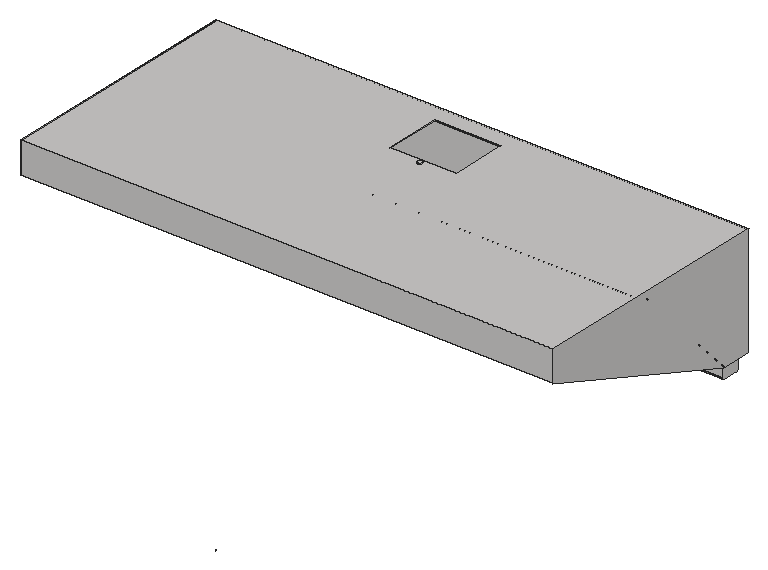
Revit family "QF_ELECTROLUXPROFESSIONAL_644194_AMPV1124BT", category Attrezzature speciali, Revit 2021
Family settings
  Quota connettore circolare = Usa diametro
  Tipo di parte = Normale
  Basato su piano di lavoro = No
  Sempre verticale = Sì
  Taglio con vuoti quando caricato = No
  Condiviso = No
  Punto di calcolo locali = No
Parameters (values of type "Standard")
  Weight = 73.00 kg
  Watts = 420 W
  Volts = 220 V
  URL Manufacturer = "https://www.electroluxprofessional.com/"
  URL = "https://www.electroluxprofessional.com/"
  Steam Supply Size = 0 mm
  Steam Supply Minimum Pressure = 0.0 Pa
  Steam Supply Maximum Pressure = 0.0 Pa
  Steam Consumption per Hour = 0
  Refrigeration Suction Line Size = 0 mm
  Refrigeration Liquid Line Size = 0 mm
  Refrigerant Compressor Remote = yes
  Prospetto di default = 0 mm
  Produttore = "Electrolux Professional"
  Phase = 1
  Modello = "AMPV1124BT"
  Length Actual = 2400 mm  # constant formula
  Item Number = "644194"
  Hot Water Size = 0 mm
  Height Actual = 500 mm  # constant formula
  HP = "0.6 HP"
  Gas Size = 0 mm
  Gas KW = 0
  Gas Input Pressure = 0 W
  Direct Waste Size = 0 mm
  Descrizione = "430 S/S WALL HOOD+FILTERS+FAN 2400X1100"
  Depth Actual = 1100 mm  # constant formula
  Cycle = 50 Hz
  Condensate Return Size = 0 mm
  Compressed Air Volume = 0.0 L/s
  Compressed Air Size = 0 mm
  Compressed Air Pressure = 0.0 Pa
  Cold Water Size = 0 mm
  Accessory = yes
Reference planes
  plane 1 "Center (Front/Back)": y = 0
  plane 2: z = 0
  plane 3 "Center (Left/Right)": x = 150
  plane 4 "LEFT": x = -1050
  plane 5 "RIGHT": x = 1350
  plane 6 "BACK": y = 550
  plane 7 "FRONT": y = -550
  plane 8 "Plane": z = 2000
  plane 9 "TOP": z = 2140
  plane 10 "Base": z = 1640
  plane 11: z = 1566
  plane 12 "DrainY": y = 485
  plane 13: x = -1047
  plane 14: through (0, 414.509, 1640.8) normal (0, 0.7314, 0.682)
  plane 15: y = 470
  plane 16: y = 220
  plane 17 "DrainX": x = 1230
  plane 18: x = 300
  plane 19: x = 0
  plane 20: x = 1347
  plane 21: x = 1140
  plane 22: x = 1320
  plane 23: x = -1010
  plane 24: x = -645
  plane 25: x = -450
  plane 26: x = 1310
  plane 27: x = 945
  plane 28: x = 750
  plane 29: x = -47.5
  plane 30: x = 347.5
  plane 31: y = 200
Forms (mm)
  Extrusion 1, solid, material "QF_Finishes_Stainless Steel"
    sketch origin (-1050, 0, 0) x (0, 1, 0) y (0, 0, 1)
      loop
        line (550, 1640) -> (550, 2140) -> (-550, 2140) -> (-550, 1999.112) -> (413.973, 1640) -> (550, 1640)
    from 0 to 3
  Extrusion 2, solid, material "QF_Finishes_Stainless Steel"
    sketch origin (150, 0, 0) x (0, 1, 0) y (0, 0, 1)
      loop
        line (415.255, 1640) -> (550, 1640) -> (550, 2139.19) -> (549.2, 2139.19) -> (549.2, 1640.8) -> (415.876, 1640.8) -> (339.347, 1722.867) -> (349.609, 1732.436) -> (348.927, 1733.167) -> (337.934, 1722.917) -> (415.255, 1640)
      loop
        line (-82.203, 2139.19) -> (-82.203, 2118.6) -> (-31.047, 2118.6) -> (34.354, 2048.466) -> (46.028, 2059.352) -> (45.346, 2060.083) -> (34.403, 2049.879) -> (-30.612, 2119.6) -> (-81.203, 2119.6) -> (-81.203, 2139.19) -> (-82.203, 2139.19)
    from -1197 to 1197
  Extrusion 3, solid, material "QF_Finishes_Stainless Steel"
    sketch origin (1350, 0, 0) x (0, 1, 0) y (0, 0, 1)
      loop
        line (550, 1640) -> (550, 2140) -> (-550, 2140) -> (-550, 1999.112) -> (413.973, 1640) -> (550, 1640)
    from 0 to -3
  Extrusion 4, solid, material "QF_Finishes_Stainless Steel"
    sketch origin (150, 0, 0) x (0, 1, 0) y (0, 0, 1)
      loop
        line (-550, 2140) -> (-550, 2000) -> (-549.2, 2000) -> (-549.2, 2139.19) -> (550, 2139.19) -> (550, 2140) -> (-550, 2140)
    from -1200 to 1200
  Extrusion 5, solid, material "QF_Finishes_Stainless Steel"
    sketch origin (150, 0, 0) x (0, 1, 0) y (0, 0, 1)
      loop
        line (534, 1640) -> (436, 1640) -> (436, 1627) -> (443.5, 1627) -> (443.5, 1576)
        arc (443.5, 1576) -> (446.429, 1568.929) -> (453.5, 1566) r 10
        line (453.5, 1566) -> (516.5, 1566)
        arc (516.5, 1566) -> (523.571, 1568.929) -> (526.5, 1576) r 10
        line (526.5, 1576) -> (526.5, 1627) -> (534, 1627) -> (534, 1640)
    from 990 to 1170
  Extrusion 6, solid, material "QF_Finishes_Stainless Steel"
    sketch origin (0, 0, 1640) x (0, 1, 0) y (-1, 0, 0)
      loop
        circle (485, -1230) r 20
    from -76 to -74
  Extrusion 7, solid, material "QF_Finished_Chrome"
    sketch origin (150, 0, 0) x (0, 1, 0) y (0, 0, 1)
      loop
        line (337.934, 1722.917) -> (341.591, 1726.327) -> (38.011, 2051.876) -> (34.354, 2048.466) -> (337.934, 1722.917)
    from -795 to -1160
  Extrusion 8, solid, material "QF_Finished_Chrome"
    sketch origin (150, 0, 0) x (0, 1, 0) y (0, 0, 1)
      loop
        line (337.934, 1722.917) -> (341.591, 1726.327) -> (38.011, 2051.876) -> (34.354, 2048.466) -> (337.934, 1722.917)
    from -197.5 to -600
  Extrusion 9, solid, material "QF_Finishes_Stainless Steel"
    sketch origin (150, 0, 0) x (0, 1, 0) y (0, 0, 1)
      loop
        line (337.934, 1722.917) -> (341.591, 1726.327) -> (38.011, 2051.876) -> (34.354, 2048.466) -> (337.934, 1722.917)
    from 1197 to 1160
  Extrusion 10, solid, material "QF_Finishes_Stainless Steel"
    sketch origin (150, 0, 0) x (0, 1, 0) y (0, 0, 1)
      loop
        line (341.588, 1726.324) -> (38.009, 2051.874) -> (34.354, 2048.466) -> (337.934, 1722.917) -> (341.588, 1726.324)
    from -795 to -600
  Extrusion 11, solid, material "QF_Finished_Chrome"
    sketch origin (150, 0, 0) x (0, 1, 0) y (0, 0, 1)
      loop
        line (341.588, 1726.324) -> (38.009, 2051.874) -> (34.354, 2048.466) -> (337.934, 1722.917) -> (341.588, 1726.324)
    from 795 to 1160
  Extrusion 12, void
    sketch origin (0, 0, 2140) x (0, 1, 0) y (-1, 0, 0)
      loop
        line (470, 0) -> (220, 0) -> (220, -300) -> (470, -300) -> (470, 0)
    from 0 to -10
  Extrusion 13, solid, material "QF_Finishes_Stainless Steel"
    sketch origin (0, 0, 0) x (1, 0, 0) y (0, 1, 0)
      loop
        line (-1050, 550) -> (-1050, 549) -> (-1049, 549) -> (-1049, 550) -> (-1050, 550)
    from 0 to 1
  Extrusion 14, solid, material "QF_Finishes_Stainless Steel"
    sketch origin (150, 0, 0) x (0, 1, 0) y (0, 0, 1)
      loop
        line (337.934, 1722.917) -> (341.591, 1726.327) -> (38.011, 2051.876) -> (34.354, 2048.466) -> (337.934, 1722.917)
    from -1160 to -1197
  Extrusion 15, solid, material "QF_Finishes_Stainless Steel"
    sketch origin (150, 0, 0) x (0, 1, 0) y (0, 0, -1)
      loop
        line (341.588, -1726.324) -> (337.934, -1722.917) -> (34.354, -2048.466) -> (38.009, -2051.874) -> (341.588, -1726.324)
    from -795 to -600
  Extrusion 16, solid, material "QF_Finished_Chrome"
    sketch origin (150, 0, 0) x (0, 1, 0) y (0, 0, 1)
      loop
        line (337.934, 1722.917) -> (341.591, 1726.327) -> (38.011, 2051.876) -> (34.354, 2048.466) -> (337.934, 1722.917)
    from 600 to 197.5
  Extrusion 17, solid, material "QF_Finishes_Stainless Steel"
    sketch origin (150, 0, 0) x (0, 1, 0) y (0, 0, -1)
      loop
        line (341.588, -1726.324) -> (337.934, -1722.917) -> (34.354, -2048.466) -> (38.009, -2051.874) -> (341.588, -1726.324)
    from -197.5 to 197.5
  Extrusion 18, solid, material "QF_Finishes_Stainless Steel"
    sketch origin (0, 0, 2140) x (0, 1, 0) y (-1, 0, 0)
      loop
        circle (200, -150) r 10
    from 0 to 1.6
Cuts and joins
  Extrusion 12 cuts Extrusion 4
  joined: Extrusion 2, Extrusion 4
Lines and regions (mm)
  reference lines
    curve 1: line (150, 34.354, 2048.466) -> (150, 34.354, 1888.466)
  symbolic lines, style "SpecialityEquipment", detail levels coarse
    curve 2: line (1350, 550, 2140) -> (-1050, 550, 2140)
    curve 3: line (-1050, 550, 2140) -> (-1050, -550, 2140)
    curve 4: line (1350, -550, 2140) -> (1350, 550, 2140)
    curve 5: line (-1050, -550, 2140) -> (1350, -550, 2140)
    curve 6: line (0, 220, 2140) -> (300, 220, 2140)
    curve 7: line (0, 470, 2140) -> (0, 220, 2140)
    curve 8: line (300, 470, 2140) -> (0, 470, 2140)
    curve 9: line (300, 220, 2140) -> (300, 470, 2140)
    curve 10: line (-1050, 550, 0) -> (1350, -550, 0)
    curve 11: line (1350, 550, 0) -> (-1050, -550, 0)
Dimensions and locks
  plane 4 "LEFT" to plane 5 "RIGHT" = 2400 mm
  equal spacing: plane 4 "LEFT", plane 3 "Center (Left/Right)", plane 5 "RIGHT"
  locked: plane 8 "Plane" to level at 2000
  plane 9 "TOP" to plane 8 "Plane" = 140 mm
  locked: plane 9 "TOP" to plane 10 "Base" at 500
  plane 10 "Base" to plane 11 = 74 mm
  plane 6 "BACK" to plane 12 "DrainY" = 65 mm  (x2)
  plane 4 "LEFT" to plane 13 = 3 mm
  plane 6 "BACK" to plane 15 = 80 mm
  plane 15 to plane 16 = 250 mm  (x2)
  plane 17 "DrainX" to plane 5 "RIGHT" = 120 mm
  plane 20 to plane 5 "RIGHT" = 3 mm
  locked: plane 21 to plane 17 "DrainX" at 90
  locked: plane 17 "DrainX" to plane 22 at 90
  plane 6 "BACK" to plane 7 "FRONT" = 1100 mm  (x2)
  equal spacing: plane 6 "BACK", plane 1 "Center (Front/Back)", plane 7 "FRONT"
  plane 16 to plane 7 "FRONT" = 770 mm
  plane 15 to plane 6 "BACK" = 80 mm
  locked: plane 4 "LEFT" to plane 23 at 40
  locked: plane 23 to plane 24 at 365
  locked: plane 24 to plane 25 at 195
  locked: plane 26 to plane 27 at 365
  locked: plane 27 to plane 28 at 195
  locked: plane 26 to plane 5 "RIGHT" at 40
  locked: plane 29 to plane 30 at 395
  equal spacing: plane 29, plane 3 "Center (Left/Right)", plane 30
  locked: plane 19 to plane 18 at 300
  equal spacing: plane 19, plane 3 "Center (Left/Right)", plane 18
  plane 25 to plane 29 = 402.5 mm
  plane 30 to plane 28 = 402.5 mm
  plane 16 to plane 31 = 20 mm
  aligned and locked: level to plane 2
  aligned and locked: Extrusion 2 to Extrusion 1
  aligned and locked: Extrusion 2 to Extrusion 3
  aligned and locked: plane 5 "RIGHT" to Extrusion 4
  aligned and locked: Extrusion 4 to plane 4 "LEFT"
  aligned and locked: plane 20 to Extrusion 9
  aligned and locked: plane 19 to Extrusion 12
  aligned and locked: Extrusion 12 to plane 18
  aligned and locked: Extrusion 12 to plane 16
  aligned and locked: Extrusion 12 to plane 15
  aligned and locked: Extrusion 2 to Extrusion 4
  aligned and locked: plane 22 to Extrusion 5
  aligned and locked: Extrusion 5 to plane 21
  aligned and locked: Extrusion 9 to plane 26
  aligned and locked: Extrusion 11 to plane 26
  aligned and locked: Extrusion 11 to plane 27
  aligned and locked: Extrusion 8 to plane 25
  aligned and locked: plane 25 to Extrusion 10
  aligned and locked: Extrusion 10 to plane 24
  aligned and locked: plane 24 to Extrusion 7
  aligned and locked: Extrusion 7 to plane 23
  aligned and locked: Extrusion 14 to plane 13
  aligned and locked: plane 23 to Extrusion 14
  aligned and locked: Extrusion 15 to plane 28
  aligned and locked: Extrusion 15 to plane 27
  aligned and locked: Extrusion 3 to plane 20
  aligned and locked: plane 29 to Extrusion 8
  aligned and locked: Extrusion 16 to plane 28
  aligned and locked: Extrusion 16 to plane 30
  aligned and locked: plane 30 to Extrusion 17
  aligned and locked: Extrusion 17 to plane 29
Automatic sketch dimensions
  curve 5 to plane 4 "LEFT" = 0 mm
  curve 5 to plane 7 "FRONT" = 0 mm
  curve 9 to plane 16 = 0 mm
  plane 15 to curve 8 = 0 mm
  curve 3 to plane 6 "BACK" = 0 mm
  curve 5 to plane 5 "RIGHT" = 0 mm
  curve 6 to plane 18 = 0 mm
  curve 6 to plane 19 = 0 mm
  Extrusion 1 sketch curve to plane 7 "FRONT" = 0 mm
  Extrusion 1 sketch curve to plane 10 "Base" = 0 mm
  Extrusion 1 sketch curve to plane 6 "BACK" = 0 mm
  Extrusion 1 sketch curve to plane 9 "TOP" = 0 mm
  plane 15 to Extrusion 1 sketch curve = 56.027 mm
  Extrusion 1 sketch curve to plane 8 "Plane" = 0.888 mm
  Extrusion 2 sketch curve to plane 14 = 0 mm  (x3)
  Extrusion 2 sketch curve to plane 10 "Base" = 0 mm
  plane 14 to Extrusion 2 sketch curve = 0 mm
  Extrusion 2 sketch curve to plane 6 "BACK" = 0 mm
  Extrusion 2 sketch curve to Extrusion 2 sketch curve = 65.646 mm
  Extrusion 2 sketch curve to Extrusion 2 sketch curve = 0.682 mm  (x2)
  Extrusion 2 sketch curve to Extrusion 2 sketch curve = 10.261 mm
  plane 10 "Base" to Extrusion 2 sketch curve = 82.917 mm
  Extrusion 2 sketch curve to plane 1 "Center (Front/Back)" = 46.028 mm
  Extrusion 2 sketch curve to Extrusion 2 sketch curve = 10.942 mm
  Extrusion 2 sketch curve to Extrusion 2 sketch curve = 0.049 mm
  Extrusion 2 sketch curve to plane 9 "TOP" = 20.4 mm
  Extrusion 2 sketch curve to plane 9 "TOP" = 21.4 mm
  Extrusion 2 sketch curve to plane 9 "TOP" = 0.81 mm  (x2)
  Extrusion 2 sketch curve to Extrusion 2 sketch curve = 50.156 mm
  Extrusion 2 sketch curve to Extrusion 2 sketch curve = 1 mm
  plane 10 "Base" to Extrusion 2 sketch curve = 0.8 mm
  Extrusion 2 sketch curve to plane 6 "BACK" = 0.8 mm
  Extrusion 3 sketch curve to plane 7 "FRONT" = 0 mm
  Extrusion 3 sketch curve to plane 10 "Base" = 0 mm
  Extrusion 3 sketch curve to plane 6 "BACK" = 0 mm
  Extrusion 3 sketch curve to plane 9 "TOP" = 0 mm
  plane 15 to Extrusion 3 sketch curve = 56.027 mm
  Extrusion 3 sketch curve to plane 8 "Plane" = 0.888 mm
  Extrusion 4 sketch curve to plane 7 "FRONT" = 0 mm
  Extrusion 4 sketch curve to plane 8 "Plane" = 0 mm
  Extrusion 4 sketch curve to plane 6 "BACK" = 0 mm
  Extrusion 4 sketch curve to plane 9 "TOP" = 0 mm
  plane 7 "FRONT" to Extrusion 4 sketch curve = 0.8 mm
  Extrusion 4 sketch curve to plane 9 "TOP" = 0.81 mm
  curve 1 to plane 14 = 0 mm
  curve 1 to plane 1 "Center (Front/Back)" = 34.354 mm
  curve 1 to plane 8 "Plane" = 111.534 mm
  Extrusion 5 sketch curve to plane 10 "Base" = 0 mm
  Extrusion 5 sketch curve to plane 11 = 0 mm
  Extrusion 5 sketch curve to plane 10 "Base" = 13 mm  (x2)
  plane 15 to Extrusion 5 sketch curve = 34 mm
  Extrusion 5 sketch curve to Extrusion 5 sketch curve = 7.5 mm  (x2)
  Extrusion 5 sketch curve to Extrusion 5 sketch curve = 10 mm
  plane 12 "DrainY" to Extrusion 5 sketch curve = 31.5 mm
  Extrusion 5 sketch curve to plane 6 "BACK" = 23.5 mm
  Extrusion 6 sketch curve to plane 12 "DrainY" = 0 mm
  Extrusion 6 sketch curve to plane 17 "DrainX" = 0 mm
  Extrusion 7 sketch curve to plane 14 = 0 mm  (x2)
  Extrusion 7 sketch curve to plane 1 "Center (Front/Back)" = 34.354 mm
  Extrusion 7 sketch curve to Extrusion 7 sketch curve = 3.657 mm
  plane 10 "Base" to Extrusion 7 sketch curve = 82.917 mm
  Extrusion 8 sketch curve to plane 14 = 0 mm  (x2)
  Extrusion 8 sketch curve to plane 1 "Center (Front/Back)" = 34.354 mm
  Extrusion 8 sketch curve to Extrusion 8 sketch curve = 3.657 mm
  plane 10 "Base" to Extrusion 8 sketch curve = 82.917 mm
  Extrusion 9 sketch curve to plane 14 = 0 mm  (x2)
  Extrusion 9 sketch curve to plane 1 "Center (Front/Back)" = 34.354 mm
  Extrusion 9 sketch curve to Extrusion 9 sketch curve = 3.657 mm
  plane 10 "Base" to Extrusion 9 sketch curve = 82.917 mm
  Extrusion 10 sketch curve to plane 14 = 0 mm  (x2)
  Extrusion 10 sketch curve to plane 1 "Center (Front/Back)" = 34.354 mm
  Extrusion 10 sketch curve to Extrusion 10 sketch curve = 3.655 mm
  plane 10 "Base" to Extrusion 10 sketch curve = 82.917 mm
  Extrusion 11 sketch curve to plane 14 = 0 mm  (x2)
  Extrusion 11 sketch curve to plane 1 "Center (Front/Back)" = 34.354 mm
  Extrusion 11 sketch curve to Extrusion 11 sketch curve = 3.655 mm
  plane 10 "Base" to Extrusion 11 sketch curve = 82.917 mm
  Extrusion 12 sketch curve to plane 16 = 0 mm
  plane 15 to Extrusion 12 sketch curve = 0 mm
  Extrusion 12 sketch curve to plane 18 = 0 mm
  Extrusion 12 sketch curve to plane 19 = 0 mm
  Extrusion 13 sketch curve to plane 4 "LEFT" = 0 mm
  Extrusion 13 sketch curve to plane 6 "BACK" = 0 mm
  plane 4 "LEFT" to Extrusion 13 sketch curve = 1 mm
  Extrusion 13 sketch curve to Extrusion 13 sketch curve = 1 mm
  Extrusion 14 sketch curve to plane 14 = 0 mm  (x2)
  Extrusion 14 sketch curve to plane 1 "Center (Front/Back)" = 34.354 mm
  Extrusion 14 sketch curve to Extrusion 14 sketch curve = 3.657 mm
  plane 10 "Base" to Extrusion 14 sketch curve = 82.917 mm
  Extrusion 15 sketch curve to plane 14 = 0 mm  (x2)
  Extrusion 15 sketch curve to plane 1 "Center (Front/Back)" = 34.354 mm
  Extrusion 15 sketch curve to Extrusion 15 sketch curve = 3.655 mm
  plane 10 "Base" to Extrusion 15 sketch curve = 82.917 mm
  Extrusion 16 sketch curve to plane 14 = 0 mm  (x2)
  Extrusion 16 sketch curve to plane 1 "Center (Front/Back)" = 34.354 mm
  Extrusion 16 sketch curve to Extrusion 16 sketch curve = 3.657 mm
  plane 10 "Base" to Extrusion 16 sketch curve = 82.917 mm
  Extrusion 17 sketch curve to plane 14 = 0 mm  (x2)
  Extrusion 17 sketch curve to plane 1 "Center (Front/Back)" = 34.354 mm
  Extrusion 17 sketch curve to Extrusion 17 sketch curve = 3.655 mm
  plane 10 "Base" to Extrusion 17 sketch curve = 82.917 mm
  curve 11 to plane 4 "LEFT" = 0 mm
  curve 10 to plane 4 "LEFT" = 0 mm
  curve 11 to plane 5 "RIGHT" = 0 mm
  curve 10 to plane 5 "RIGHT" = 0 mm
  curve 10 to plane 7 "FRONT" = 0 mm
  curve 11 to plane 7 "FRONT" = 0 mm
  curve 11 to plane 6 "BACK" = 0 mm
  curve 10 to plane 6 "BACK" = 0 mm
  Extrusion 18 sketch curve to plane 3 "Center (Left/Right)" = 0 mm
  Extrusion 18 sketch curve to plane 31 = 0 mm
  radius of Extrusion 6 sketch curve = 20 mm
  radius of Extrusion 18 sketch curve = 10 mm
Connectors
  piping at (1230, 485, 1564), diameter 20
    settings: on Extrusion 6, index 1, connector inside diameter 609.6 mm, connector length 0 mm, flow factor 0, pipe flow 0.0 L/s, pressure drop 0.0 Pa, fitting loss kfactor 0, connector angle 0.00°, fixture units 0, engagement length 0 mm, angle of deflection 0.00°, flow configuration 1, flow direction 2, fitting loss method 0, system type 16, joint type 0, gender type 0, connector reference index -1, connector utility 0, adjustable connector no, is connector primary yes, connector description "Drain"
  hvac at (150, 345, 2140)
    settings: on Extrusion 12, index 2, duct flow 0.0 L/s, flow factor 0, pres drop 0.0 Pa, loss coef 0, conn angle 0.00°, conn width 250 mm, conn height 300 mm, conn diameter 609.6 mm, duct sys type 3, conn prof type 1, flow config 1, flow direction 2, loss method 0, conn ref index -1, conn util no, is conn primary yes, conn desc "EXHAUST OUTLET"
  electrical at (150, 200, 2141.6), driven by "Volts"
    settings: on Extrusion 18, index 3, voltage 220 V, apparent load 0 VA, apparent load phase1 0 VA, apparent load phase2 0 VA, apparent load phase3 0 VA, power factor 1, load classification "Other", number of poles 1, system type 30, power factor state 1, is connector primary yes, connector utility no, sub classification motor no, connector description "Electrical Connection"
